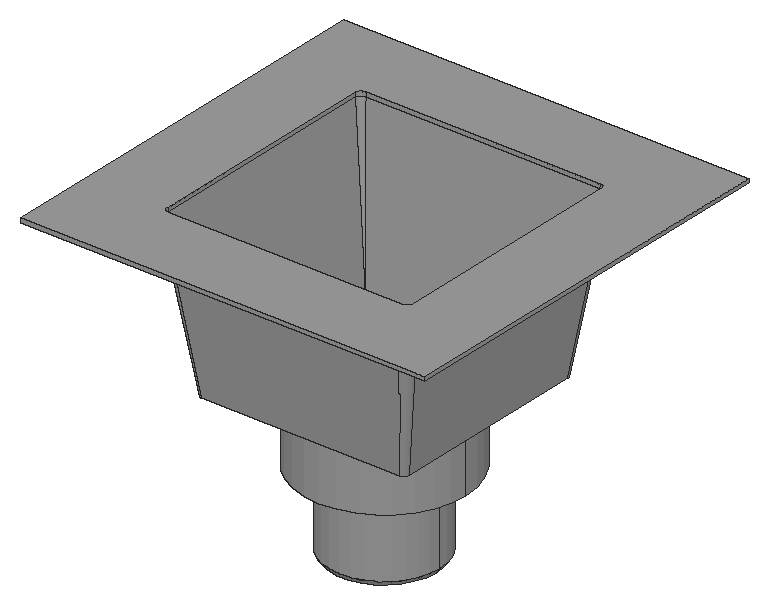
Revit family "2100.110 Rainhead Sump 360x360x280", category Plumbing Fixtures, Revit 2016
Family settings
  Part Type = Normal
  Round Connector Dimension = Use Diameter
  OmniClass Number = 23.60.30.11
  OmniClass Title = Pipework Products for General Use
  Work Plane-Based = No
  Always vertical = Yes
  Cut with Voids When Loaded = No
  Shared = No
  Room Calculation Point = No
Parameters (values of type "DWV150")
  Waste Connection = yes
  Vent Connection = no
  URL = "www.aquaknight.co.nz"
  Phone = "+6498322214"  # constant formula
  Model = "2100.110"
  Material = Aquanight-Grey
  Manufacturer = "Aquanight Industries Ltd"  # constant formula
  HW Connection = no
  Flow = 0.0 L/s
  Email = "info@aquaknight.co.nz"  # constant formula
  Description = "Rainhead 360x360x280 DWV150 DN150"
  Connector Location = 176 mm
  Connector Diameter = 150 mm
  Connector Description = "DWV150"
  CW Connection = no
Types (3, lengths in mm): name | Description | Connector Location | Connector Diameter | Connector Description
  (no name) | "Rainhead 360x360x280 DWV150 DN150" | 176 | 150 | "DWV150"
  DWV100 | "Rainhead 360x360x280 DWV100 DN100" | 242 | 100 | "DWV100"
  DWV150 | "Rainhead 360x360x280 DWV150 DN150" | 176 | 150 | "DWV150"
Reference planes
  plane 1 "Center (Front/Back)": y = 0
  plane 2: z = 0
  plane 3 "Center (Left/Right)": x = 0
  plane 4: z = -207
  plane 5: z = -277
  plane 6: z = -145
  plane 7: z = -176
  plane 8: z = -242
  plane 9: z = -176
Forms (mm)
  SweptBlend 1, solid, material "Aquanight-Grey" <- "Material"
    path origin (0, 0, 0) x (1, 0, 0) y (0, 0, 1)
      loop
        line (0, 0) -> (0, -145)
    profile origin (0, 0, 0) x (0, -1, 0) y (1, 0, 0)
      loop
        spline (-113.83, -103.902) -> (-113.745, -105.203) -> (-113.493, -106.48) -> (-113.077, -107.712) -> (-112.504, -108.877) -> (-111.785, -109.956) -> (-110.931, -110.931) -> (-109.956, -111.785) -> (-108.877, -112.504) -> (-107.712, -113.077) -> (-106.48, -113.493) -> (-105.203, -113.745) -> (-103.902, -113.83)
        line (-103.902, -113.83) -> (103.902, -113.83)
        spline (103.902, -113.83) -> (105.203, -113.745) -> (106.48, -113.493) -> (107.712, -113.077) -> (108.877, -112.504) -> (109.956, -111.785) -> (110.931, -110.931) -> (111.785, -109.956) -> (112.504, -108.877) -> (113.077, -107.712) -> (113.493, -106.48) -> (113.745, -105.203) -> (113.83, -103.902)
        line (113.83, -103.902) -> (113.83, 103.902)
        spline (113.83, 103.902) -> (113.745, 105.203) -> (113.493, 106.48) -> (113.077, 107.712) -> (112.504, 108.877) -> (111.785, 109.956) -> (110.931, 110.931) -> (109.956, 111.785) -> (108.877, 112.504) -> (107.712, 113.077) -> (106.48, 113.493) -> (105.203, 113.745) -> (103.902, 113.83)
        line (103.902, 113.83) -> (-103.902, 113.83)
        spline (-103.902, 113.83) -> (-105.203, 113.745) -> (-106.48, 113.493) -> (-107.712, 113.077) -> (-108.877, 112.504) -> (-109.956, 111.785) -> (-110.931, 110.931) -> (-111.785, 109.956) -> (-112.504, 108.877) -> (-113.077, 107.712) -> (-113.493, 106.48) -> (-113.745, 105.203) -> (-113.83, 103.902)
        line (-113.83, 103.902) -> (-113.83, -103.902)
    end profile origin (0, 0, -145) x (0, -1, 0) y (1, 0, 0)
      loop
        arc (-92.43, -87.381) -> (-90.95, -90.95) -> (-87.381, -92.43) r 5.048
        line (-87.381, -92.43) -> (87.381, -92.429)
        arc (87.381, -92.429) -> (90.95, -90.95) -> (92.43, -87.381) r 5.048
        line (92.43, -87.381) -> (92.429, 87.381)
        arc (92.429, 87.381) -> (90.95, 90.95) -> (87.381, 92.43) r 5.048
        line (87.381, 92.43) -> (-87.381, 92.429)
        arc (-87.381, 92.429) -> (-90.95, 90.95) -> (-92.43, 87.381) r 5.048
        line (-92.43, 87.381) -> (-92.43, -87.381)
  SweptBlend 2, void
    path origin (0, 0, 0) x (1, 0, 0) y (0, 0, 1)
      loop
        line (0, 0) -> (0, -141)
    profile origin (0, 0, 0) x (0, -1, 0) y (1, 0, 0)
      loop
        arc (-108.83, -103.866) -> (-107.365, -107.401) -> (-103.83, -108.866) r 5
        line (-103.83, -108.866) -> (103.866, -108.866)
        arc (103.866, -108.866) -> (107.401, -107.401) -> (108.866, -103.866) r 5
        line (108.866, -103.866) -> (108.866, 103.866)
        arc (108.866, 103.866) -> (107.401, 107.401) -> (103.866, 108.866) r 5
        line (103.866, 108.866) -> (-103.83, 108.866)
        arc (-103.83, 108.866) -> (-107.365, 107.401) -> (-108.83, 103.866) r 5
        line (-108.83, 103.866) -> (-108.83, -103.866)
    end profile origin (0, 0, -141) x (0, -1, 0) y (1, 0, 0)
      loop
        line (-87.464, 87.464) -> (-87.464, -87.464) -> (87.464, -87.464) -> (87.464, 87.464) -> (-87.464, 87.464)
  Revolve 3, solid, material "Aquanight-Grey" <- "Material"
    sketch origin (0, 0, 0) x (1, 0, 0) y (0, 0, 1)
      loop
        line (-72, -207) -> (-49, -207) -> (-49, -273) -> (-46.402, -277) -> (-45.5, -277) -> (-45.5, -203.5) -> (-68.75, -203.5) -> (-68.75, -145) -> (-72, -145) -> (-72, -207)
      axis (0, -145) -> (0, -277)
    angle from 0 to 360
  Extrusion 4, void
    sketch origin (0, 0, 0) x (1, 0, 0) y (0, 1, 0)
      loop
        circle (0, 0) r 68.75
    from 0 to -165.854
  Extrusion 5, solid, material "Aquanight-Grey" <- "Material"
    sketch origin (0, 0, 0) x (1, 0, 0) y (0, 1, 0)
      loop
        line (-179, 179) -> (-179, -179) -> (179, -179) -> (179, 179) -> (-179, 179)
      loop
        arc (103.866, -108.866) -> (107.401, -107.401) -> (108.866, -103.866) r 5
        line (108.866, -103.866) -> (108.866, 103.83)
        arc (108.866, 103.83) -> (107.401, 107.365) -> (103.866, 108.83) r 5
        line (103.866, 108.83) -> (-103.866, 108.83)
        arc (-103.866, 108.83) -> (-107.401, 107.365) -> (-108.866, 103.83) r 5
        line (-108.866, 103.83) -> (-108.866, -103.866)
        arc (-108.866, -103.866) -> (-107.401, -107.401) -> (-103.866, -108.866) r 5
        line (-103.866, -108.866) -> (103.866, -108.866)
    from 0 to 3.5
Cuts and joins
  SweptBlend 2, Extrusion 4 cuts SweptBlend 1
  Extrusion 4 cuts Revolve 3
  joined: SweptBlend 1, Revolve 3, Extrusion 5
Dimensions and locks
  locked: level to plane 4 at 207
  level to plane 5 = 277 mm
  locked: Revolve 3 sketch curve to plane 4 at 62
  locked: Revolve 3 sketch curve to plane 4 at 3.5
  locked: Revolve 3 sketch curve to plane 5 at 4
  locked: level to plane 6 at 145
  locked: SweptBlend 2 sketch curve to plane 6 at 4
  "Connector Location": level to plane 7
  locked: connector elem to plane 1 "Center (Front/Back)"
  equal spacing: plane 4, plane 8, plane 5
  level to plane 8 = 242 mm
  equal spacing: plane 6, plane 9, plane 4
  level to plane 9 = 176 mm
  aligned and locked: level to plane 2
  aligned and locked: Revolve 3 sketch curve to plane 4
  aligned and locked: plane 5 to Revolve 3 sketch curve
  aligned and locked: plane 6 to SweptBlend 1 sketch curve
  aligned and locked: level to SweptBlend 1 sketch curve
  aligned and locked: level to SweptBlend 2 sketch curve
  aligned and locked: connector elem to plane 3 "Center (Left/Right)"
Automatic sketch dimensions
  SweptBlend 1 sketch curve to plane 3 "Center (Left/Right)" = 0 mm
  SweptBlend 1 sketch curve to plane 1 "Center (Front/Back)" = 113.83 mm
  SweptBlend 1 sketch curve to SweptBlend 1 sketch curve = 9.928 mm  (x6)
  plane 1 "Center (Front/Back)" to SweptBlend 1 sketch curve = 103.902 mm  (x2)
  profile plane to SweptBlend 1 sketch curve = 113.83 mm
  SweptBlend 1 sketch curve to profile plane = 103.902 mm  (x2)
  SweptBlend 1 sketch curve to SweptBlend 1 sketch curve = 2.899 mm  (x3)
  SweptBlend 1 sketch curve to SweptBlend 1 sketch curve = 7.029 mm
  SweptBlend 1 sketch curve to SweptBlend 1 sketch curve = 0.145 mm  (x3)
  SweptBlend 1 sketch curve to SweptBlend 1 sketch curve = 10.073 mm
  SweptBlend 1 sketch curve to plane 1 "Center (Front/Back)" = 87.381 mm  (x2)
  plane 1 "Center (Front/Back)" to SweptBlend 1 sketch curve = 87.381 mm  (x2)
  profile plane to SweptBlend 1 sketch curve = 87.381 mm  (x2)
  SweptBlend 1 sketch curve to profile plane = 87.381 mm  (x2)
  SweptBlend 1 sketch curve to SweptBlend 1 sketch curve = 5.048 mm  (x4)
  SweptBlend 1 sketch curve to SweptBlend 1 sketch curve = 0.001 mm  (x4)
  SweptBlend 1 sketch curve to SweptBlend 1 sketch curve = 0 mm  (x8)
  SweptBlend 2 sketch curve to plane 3 "Center (Left/Right)" = 0 mm
  SweptBlend 2 sketch curve to plane 1 "Center (Front/Back)" = 108.83 mm
  SweptBlend 2 sketch curve to SweptBlend 2 sketch curve = 5 mm  (x3)
  plane 1 "Center (Front/Back)" to SweptBlend 2 sketch curve = 103.866 mm  (x2)
  profile plane to SweptBlend 2 sketch curve = 108.866 mm
  SweptBlend 2 sketch curve to profile plane = 103.866 mm
  SweptBlend 2 sketch curve to plane 1 "Center (Front/Back)" = 87.464 mm
  plane 1 "Center (Front/Back)" to SweptBlend 2 sketch curve = 87.464 mm
  profile plane to SweptBlend 2 sketch curve = 87.464 mm
  SweptBlend 2 sketch curve to profile plane = 87.464 mm
  Revolve 3 sketch curve to plane 3 "Center (Left/Right)" = 0 mm
  Revolve 3 sketch curve to plane 3 "Center (Left/Right)" = 45.5 mm
  Revolve 3 sketch curve to Revolve 3 sketch curve = 0.902 mm
  Revolve 3 sketch curve to Revolve 3 sketch curve = 3.5 mm
  Revolve 3 sketch curve to Revolve 3 sketch curve = 23.25 mm
  Revolve 3 sketch curve to Revolve 3 sketch curve = 3.25 mm
  Revolve 3 sketch curve to plane 7 = 62.623 mm
  level to Revolve 3 sketch curve = 2214.315 mm
  Extrusion 4 sketch curve to Extrusion 4 sketch curve = 0 mm  (x2)
  plane 1 "Center (Front/Back)" to Extrusion 4 sketch curve = 0 mm
  Extrusion 4 sketch curve to plane 3 "Center (Left/Right)" = 0 mm
  Extrusion 4 sketch curve to plane 3 "Center (Left/Right)" = 68.75 mm
  Extrusion 5 sketch curve to plane 3 "Center (Left/Right)" = 179 mm
  Extrusion 5 sketch curve to Extrusion 5 sketch curve = 70.134 mm  (x3)
  Extrusion 5 sketch curve to Extrusion 5 sketch curve = 5 mm  (x3)
  plane 3 "Center (Left/Right)" to Extrusion 5 sketch curve = 103.866 mm  (x2)
  plane 1 "Center (Front/Back)" to Extrusion 5 sketch curve = 179 mm
  Extrusion 5 sketch curve to plane 1 "Center (Front/Back)" = 103.83 mm
  Extrusion 5 sketch curve to Extrusion 5 sketch curve = 70.17 mm
Connectors
  piping at (0, 0, -176), diameter 150, driven by "Connector Diameter", driven by "Flow", driven by "Connector Description"
    settings: on plane 7, index 1, connector inside diameter 609.6 mm, connector length 0 mm, flow factor 0, pipe flow 0.0 L/s, pressure drop 0.0 Pa, fitting loss kfactor 0, connector angle 0.00°, fixture units 0, engagement length 0 mm, angle of deflection 0.00°, flow configuration 0, flow direction 2, fitting loss method 0, system type 28, joint type 0, gender type 0, connector reference index -1, connector utility 0, adjustable connector no, is connector primary yes, connector description "DWV150"
